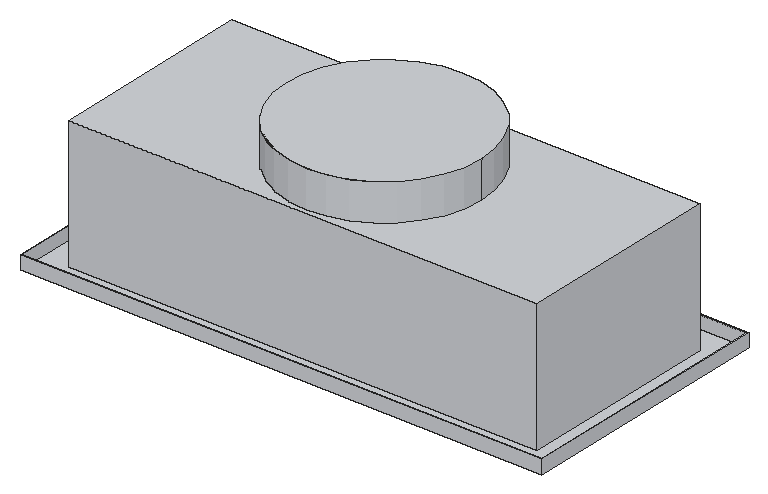
Revit family "MV-3T - Top Inlet", category Mechanical Equipment, Revit 2018
Family settings
  Round Connector Dimension = Use Radius
  Part Type = Normal
  OmniClass Number = 23.75.00.00
  OmniClass Title = Climate Control (HVAC)
  Work Plane-Based = No
  Always vertical = Yes
  Cut with Voids When Loaded = No
  Shared = No
  Room Calculation Point = No
Parameters (values of type "MV-3T- 12x24, 9" Round Top Inlet")
  URL = "http://www.anemostat-hvac.com"
  Plenum Length = 21 5/16"
  Module Length = 24"
  Module Width = 12"
  Model = "MV-3T (Top Inlet)"
  Manufacturer = "Anemostat"
  Inlet Size = Duct Size  # 8 7/8"
  Inlet Radius = Inlet Size / 2  # 4 7/16"
  Duct Size = 8 7/8"
  Duct Radius = Duct Size / 2  # 4 7/16"
  Diff Length = Module Length - 1/4"  # 23 3/4"
  Diff Width = Module Width - 1/4"  # 11 3/4"
  CenterV = Diff Length / 2  # 11 7/8"
  CenterH = Diff Width / 2  # 5 7/8"
Types (20): name | Plenum Length | Module Length | Module Width | Inlet Size | Inlet Radius | Duct Size | Duct Radius | Diff Length | Diff Width | CenterV | CenterH
  (no name) | 21 5/16" | 24" | 12" | 8 7/8" | 4 7/16" | 8 7/8" | 4 7/16" | 23 3/4" | 11 3/4" | 11 7/8" | 5 7/8"
  MV-3T - 24x48, 18" Round Top Inlet | 43 5/16" | 48" | 24" | 17 7/8" | 8 15/16" | 17 7/8" | 8 15/16" | 47 3/4" | 23 3/4" | 23 7/8" | 11 7/8"
  MV-3T - 8x24, 5" Round Top Inlet | 21 5/16" | 24" | 8" | 4 7/8" | 2 7/16" | 4 7/8" | 2 7/16" | 23 3/4" | 7 3/4" | 11 7/8" | 3 7/8"
  MV-3T - 24x36, 18" Round Top Inlet | 31 5/16" | 36" | 24" | 17 7/8" | 8 15/16" | 17 7/8" | 8 15/16" | 35 3/4" | 23 3/4" | 17 7/8" | 11 7/8"
  MV-3T - 24x60, 18" Round Top Inlet | 55 5/16" | 60" | 24" | 17 7/8" | 8 15/16" | 17 7/8" | 8 15/16" | 59 3/4" | 23 3/4" | 29 7/8" | 11 7/8"
  MV-3T - 24x72, 18" Round Top Inlet | 67 5/16" | 72" | 24" | 17 7/8" | 8 15/16" | 17 7/8" | 8 15/16" | 71 3/4" | 23 3/4" | 35 7/8" | 11 7/8"
  MV-3T - 36x72, 18" Round Top Inlet | 67 5/16" | 72" | 36" | 17 7/8" | 8 15/16" | 17 7/8" | 8 15/16" | 71 3/4" | 35 3/4" | 35 7/8" | 17 7/8"
  MV-3T - 36x60, 18" Round Top Inlet | 55 5/16" | 60" | 36" | 17 7/8" | 8 15/16" | 17 7/8" | 8 15/16" | 59 3/4" | 35 3/4" | 29 7/8" | 17 7/8"
  MV-3T -36x48, 18" Round Top Inlet | 43 5/16" | 48" | 36" | 17 7/8" | 8 15/16" | 17 7/8" | 8 15/16" | 47 3/4" | 35 3/4" | 23 7/8" | 17 7/8"
  MV-3T -36x36, 18" Round Top Inlet | 31 5/16" | 36" | 36" | 17 7/8" | 8 15/16" | 17 7/8" | 8 15/16" | 35 3/4" | 35 3/4" | 17 7/8" | 17 7/8"
  MV-3T - 12x48, 9" Round Top Inlet | 43 5/16" | 48" | 12" | 8 7/8" | 4 7/16" | 8 7/8" | 4 7/16" | 47 3/4" | 11 3/4" | 23 7/8" | 5 7/8"
  MV-3T - 12x60, 9" Round Top Inlet | 55 5/16" | 60" | 12" | 8 7/8" | 4 7/16" | 8 7/8" | 4 7/16" | 59 3/4" | 11 3/4" | 29 7/8" | 5 7/8"
  MV-3T - 12x72, 9" Round Top Inlet | 67 5/16" | 72" | 12" | 8 7/8" | 4 7/16" | 8 7/8" | 4 7/16" | 71 3/4" | 11 3/4" | 35 7/8" | 5 7/8"
  MV-3T - 12x36, 9" Round Top Inlet | 31 5/16" | 36" | 12" | 8 7/8" | 4 7/16" | 8 7/8" | 4 7/16" | 35 3/4" | 11 3/4" | 17 7/8" | 5 7/8"
  MV-3T- 12x24, 9" Round Top Inlet | 21 5/16" | 24" | 12" | 8 7/8" | 4 7/16" | 8 7/8" | 4 7/16" | 23 3/4" | 11 3/4" | 11 7/8" | 5 7/8"
  MV-3T - 24x24, 18" Round Top Inlet | 31 5/16" | 24" | 24" | 17 7/8" | 8 15/16" | 17 7/8" | 8 15/16" | 23 3/4" | 23 3/4" | 11 7/8" | 11 7/8"
  MV-3T - 8x72, 5" Round Top Inlet | 67 5/16" | 72" | 8" | 4 7/8" | 2 7/16" | 4 7/8" | 2 7/16" | 71 3/4" | 7 3/4" | 35 7/8" | 3 7/8"
  MV-3T - 8x36, 5" Round Top Inlet | 21 5/16" | 36" | 8" | 4 7/8" | 2 7/16" | 4 7/8" | 2 7/16" | 35 3/4" | 7 3/4" | 17 7/8" | 3 7/8"
  MV-3T - 8x48, 5" Round Top Inlet | 21 5/16" | 48" | 8" | 4 7/8" | 2 7/16" | 4 7/8" | 2 7/16" | 47 3/4" | 7 3/4" | 23 7/8" | 3 7/8"
  MV-3T - 8x60, 5" Round Top Inlet | 21 5/16" | 60" | 8" | 4 7/8" | 2 7/16" | 4 7/8" | 2 7/16" | 59 3/4" | 7 3/4" | 29 7/8" | 3 7/8"
Reference planes (in)
  plane 1 "Center (Front/Back)": y = 0
  plane 2: z = 0
  plane 3 "Center (Left/Right)": x = 0
  plane 4: x = -11.875
  plane 5: x = 11.875
  plane 6 "Plenum Length Left": x = -10.65625
  plane 7 "Plenum Lenght Right": x = 10.65625
  plane 8: y = -5.875
  plane 9: y = 5.875
  plane 10: y = -4.65625
  plane 11: y = 4.65625
  plane 12: x = -10.65625
  plane 13: x = 10.65625
  plane 14 "Diff Top": z = 3.5
  plane 15: z = 6.5
  plane 16: z = 0.625
  plane 17: z = 1.5625
  plane 18: z = 6
Forms (in)
  Sweep 1, solid
    path origin (0, 0, 0) x (1, 0, 0) y (0, 1, 0)
      loop
        line (-10.65625, 4.65625) -> (-10.65625, -4.65625) -> (10.65625, -4.65625) -> (10.65625, 4.65625) -> (-10.65625, 4.65625)
    profile origin (0, 4.65625, 0) x (0, 1, 0) y (0, 0, 1)
      loop
        line (1.21875, 0.625) -> (1.18575, 0.625) -> (1.18575, 0.033) -> (0, 0.033) -> (0, 0) -> (1.21875, 0) -> (1.21875, 0.625)
  Extrusion 2, solid
    sketch origin (0, 0, 0) x (1, 0, 0) y (0, 1, 0)
      loop
        line (-10.65625, 4.65625) -> (-10.65625, -4.65625) -> (10.65625, -4.65625) -> (10.65625, 4.65625) -> (-10.65625, 4.65625)
    from 0 to 6
  Extrusion 3, solid
    sketch origin (0, 0, 6) x (1, 0, 0) y (0, 1, 0)
      loop
        circle (0, 0) r 4.4375
    from 0 to 1.6875
Dimensions and locks (in)
  "Diff Length": plane 5 to plane 4
  equal spacing: plane 5, plane 3 "Center (Left/Right)", plane 4
  "Diff Width": plane 8 to plane 9
  equal spacing: plane 8, plane 1 "Center (Front/Back)", plane 9
  locked: plane 8 to plane 10 at 1.21875
  locked: plane 11 to plane 9 at 1.21875
  locked: plane 12 to plane 4 at 1.21875
  locked: plane 5 to plane 13 at 1.21875
  "Plenum Length": plane 6 "Plenum Length Left" to plane 7 "Plenum Lenght Right"
  equal spacing: plane 6 "Plenum Length Left", plane 3 "Center (Left/Right)", plane 7 "Plenum Lenght Right"
  locked: plane 15 to plane 18 at 0.5
  "Inlet Radius": plane 18 to plane 17
  locked: plane 18 to level at 6
  "CenterV": Extrusion 3 sketch curve to plane 5
  "CenterH": Extrusion 3 sketch curve to plane 9
  "Inlet Radius": radius of Extrusion 3 sketch curve
  aligned and locked: plane 18 to Extrusion 2
Automatic sketch dimensions
  Sweep 1 sketch curve to plane 10 = 0"
  Sweep 1 sketch curve to plane 12 = 0"
  Sweep 1 sketch curve to plane 13 = 0"
  Sweep 1 sketch curve to plane 11 = 0"
  Sweep 1 sketch curve to level = 0"
  Sweep 1 sketch curve to profile plane = 0"
  Sweep 1 sketch curve to profile plane = 1.18575"
  Sweep 1 sketch curve to Sweep 1 sketch curve = 0.033"
  level to Sweep 1 sketch curve = 0.033"
  Sweep 1 sketch curve to Sweep 1 sketch curve = 0.592"
  Extrusion 2 sketch curve to plane 10 = 0"
  Extrusion 2 sketch curve to plane 12 = 0"
  Extrusion 2 sketch curve to plane 13 = 0"
  Extrusion 2 sketch curve to plane 11 = 0"
Connectors (in)
  hvac at (0, 0, 7.6875), driven by "Inlet Radius"
    settings: on Extrusion 3, index 1, duct flow 0 CFM, flow factor 0, pres drop 0.00 in-wg, loss coef 0, conn angle 0.00°, conn width 12", conn height 12", conn diameter 8 7/8", duct sys type 1, conn prof type 0, flow config 0, flow direction 0, loss method 0, conn ref index -1, conn util no, is conn primary yes, conn desc ""
